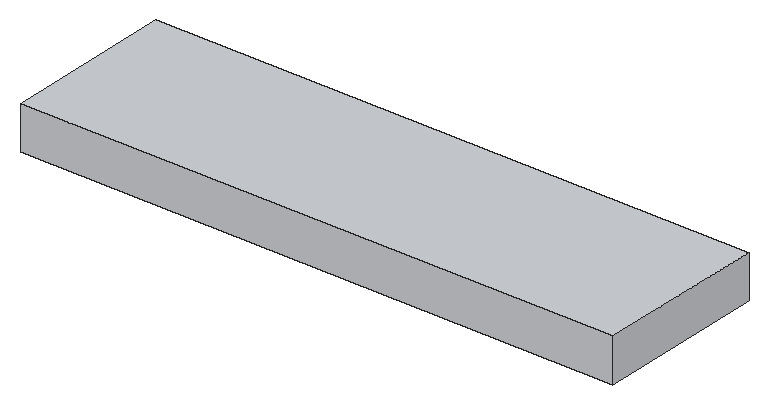
Revit family "1929_ TUPEX ELECTRIC_MEGAL", category Lighting Fixtures, host Face, Revit 2016
Family settings
  Host = Face
  Part Type = Normal
  Round Connector Dimension = Use Diameter
  Cut with Voids When Loaded = No
  Light Source = Yes
  Shared = No
  Room Calculation Point = Yes
Parameters
  Wattage = 70 W
  built-in parameter 1150110 = 1 (stored number, unit not read)
  built-in parameter 1114217 = 1 (stored number, unit not read)
  Tilt Angle = 90.00°
  built-in parameter 1150109 = 1 (stored number, unit not read)
  built-in parameter 1150134 = 3
  built-in parameter 1150113 = 1 (stored number, unit not read)
  Photometric Web File = "1929.IES"
  built-in parameter 1150105 = 829.99 (stored number, unit not read)
  Lumens = 10430 lm
  built-in parameter 1150115 = 1 (stored number, unit not read)
  built-in parameter 1150137 = (empty or 0)
  built-in parameter 1150139 = (empty or 0)
  built-in parameter 1150112 = 1 (stored number, unit not read)
  built-in parameter 1150114 = 1 (stored number, unit not read)
  built-in parameter 1150132 = (empty or 0)
  built-in parameter 1150102 = (empty or 0)
  built-in parameter 1150107 = 3200 (stored number, unit not read)
  built-in parameter 1150138 = (empty or 0)
  built-in parameter 1150106 = 8.2999 (stored number, unit not read)
  built-in parameter 1150104 = 13.843 (stored number, unit not read)
  Dimming Lamp Color Temperature Shift = (empty or 0)
  Default Elevation = 1219.2 mm
  Color Filter = 16777215
  built-in parameter 1114218 = 1 (stored number, unit not read)
  built-in parameter 1150133 = 10 (stored number, unit not read)
Reference planes
  plane 1 "Center (Front/Back)": y = 0
  plane 2: z = 0
  plane 3 "Center (Left/Right)": x = 0
Forms (mm)
  Extrusion 1, solid
    sketch origin (0, 0, 0) x (1, 0, 0) y (0, 1, 0)
      loop
        line (1220, 0) -> (0, 0) -> (0, -350) -> (1220, -350) -> (1220, 0)
    from -90 to 0
Lines and regions (mm)
  reference lines
    curve 1: line (650, 1524, 0) -> (650, -1524, 0)
    curve 2: line (1524, -190, 0) -> (-1524, -190, 0)
    curve 3: line (1524, 0, -90) -> (-1524, 0, -90)
    curve 4: line (1524, -350, 0) -> (-1524, -350, 0)
    curve 5: line (1220, 1524, 0) -> (1220, -1524, 0)
Dimensions and locks
  aligned and locked: host face to plane 2
  aligned and locked: host face to level
Connectors
  electrical at (610, -175, 0)
    settings: on Extrusion 1, index 1, voltage 220 V, apparent load 0 VA, apparent load phase1 70 VA, apparent load phase2 0 VA, apparent load phase3 0 VA, power factor 1, load classification "Other", number of poles 1, system type 31, power factor state 1, is connector primary yes, connector utility no, sub classification motor no, connector description ""
